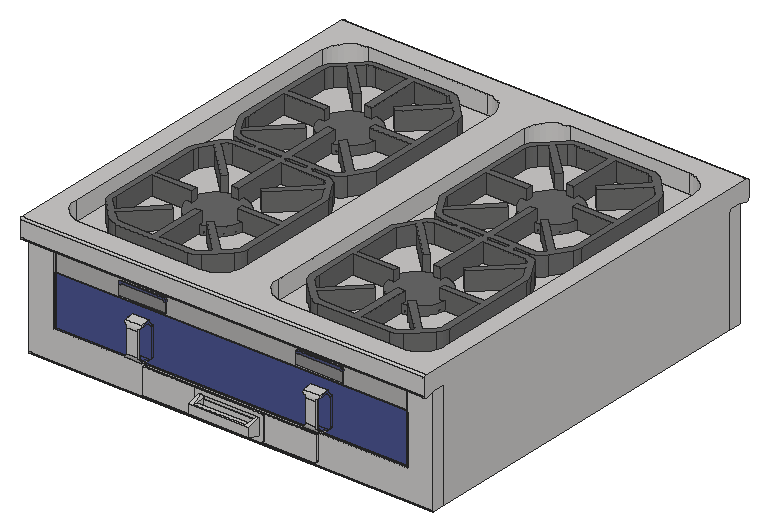
Revit family "QF_ELECTROLUXPROFESSIONAL_588052_MAGGACHOPI", category Specialty Equipment, Revit 2018
Family settings
  Round Connector Dimension = Use Diameter
  Part Type = Normal
  Work Plane-Based = No
  Always vertical = Yes
  Cut with Voids When Loaded = No
  Shared = No
  Room Calculation Point = No
Parameters
  Weight in Pounds = 138.891
  Watts = 0 W
  URL Cutsheet = ""
  Type Mark [instance] = ""
  Status [instance] = ""
  Specification by User [instance] = ""
  Specification by Manufacturer = ""
  Show Clearance [instance] = yes
  Serial Number = ""
  Seismic Rating = ""
  SMACNA No = ""
  Revision Code [instance] = ""
  Omniclass Number and Title = ""
  NAFEM Spec ID Number = ""
  Model = "588052"
  Mechanical Remarks [instance] = ""
  Mechanical Connection Type [instance] = ""
  Masterspec = ""
  Manufacturer = "ELECTROLUX"
  Item Number [instance] = ""
  Installed By [instance] = ""
  Identify Quantity as Lot [instance] = yes
  HP = "0 HP"
  Gas Size = 1/2"
  Gas RI Height [instance] = 0 mm
  Gas KW = 28
  Gas Input = 95452.0 Btu/h
  Gas Connection Height [instance] = 0 mm
  Furnished By [instance] = ""
  Foodservice Equipment Identifier [instance] = yes
  Direct Waste Size = 0"
  Description = "GAS TOP,4 BURNERS,ECO,2-SIDES,800X800X250H"
  CSI MasterFormat = ""
  CSI Master Format = ""
Reference planes
  plane 1 "BACK": y = 0
  plane 2: z = 0
  plane 3 "LEFT": x = 0
  plane 4 "RIGHT": x = 800
  plane 5 "FRONT": y = -800
  plane 6 "TOP": z = 250
  plane 7: x = 400
  plane 8: y = -400
  plane 9: z = 370
  plane 10: x = 765
  plane 11: y = -60.425
  plane 12: y = -1230
Forms (mm)
  Extrusion 1, solid, material "QF_Finishes_Stainless Steel"
    sketch origin (0, -487.128, 0) x (0, 1, 0) y (0, 0, 1)
      loop
        line (483.128, 250) -> (-308.872, 250)
        arc (-308.872, 250) -> (-311.7, 248.828) -> (-312.872, 246) r 4
        line (-312.872, 246) -> (-312.872, 214)
        arc (-312.872, 214) -> (-311.437, 210.931) -> (-308.161, 210.064) r 4
        line (-308.161, 210.064) -> (-292.872, 213) -> (-267.872, 213) -> (-267.872, 0) -> (442.128, 0) -> (442.128, 213) -> (465.765, 213) -> (482.433, 210.061)
        arc (482.433, 210.061) -> (485.699, 210.936) -> (487.128, 214) r 4
        line (487.128, 214) -> (487.128, 246)
        arc (487.128, 246) -> (485.956, 248.828) -> (483.128, 250) r 4
    from 0 to 800
  Extrusion 2, void
    sketch origin (653.786, 44.048, 250) x (1, 0, 0) y (0, -1, 0)
      loop
        line (-570.234, 89.462) -> (-334.333, 89.462)
        arc (-334.333, 89.462) -> (-299.707, 103.805) -> (-285.364, 138.432) r 48.97
        line (-285.364, 138.432) -> (-285.364, 750.078)
        arc (-285.364, 750.078) -> (-299.707, 784.705) -> (-334.333, 799.048) r 48.97
        line (-334.333, 799.048) -> (-570.234, 799.048)
        arc (-570.234, 799.048) -> (-605.59, 784.403) -> (-620.234, 749.048) r 50
        line (-620.234, 749.048) -> (-620.234, 139.462)
        arc (-620.234, 139.462) -> (-605.59, 104.107) -> (-570.234, 89.462) r 50
      loop
        line (64.679, 799.048) -> (-171.222, 799.048)
        arc (-171.222, 799.048) -> (-206.577, 784.403) -> (-221.222, 749.048) r 50
        line (-221.222, 749.048) -> (-221.222, 139.462)
        arc (-221.222, 139.462) -> (-206.577, 104.107) -> (-171.222, 89.462) r 50
        line (-171.222, 89.462) -> (64.679, 89.462)
        arc (64.679, 89.462) -> (99.306, 103.805) -> (113.649, 138.432) r 48.97
        line (113.649, 138.432) -> (113.649, 750.078)
        arc (113.649, 750.078) -> (99.306, 784.705) -> (64.679, 799.048) r 48.97
    from 0 to 37
  Extrusion 3, solid, material "QF_Finishes_Stainless Steel"
    sketch origin (10, -560, 0) x (1, 0, 0) y (0, -1, 0)
      loop
        circle (755, -70) r 6.35
    from 0 to 3.2
  Extrusion 4, solid, material "QF_Door-Drawer Clearances", visible <- "Show Clearance", detail levels coarse
    sketch origin (-178.969, -4572, 0) x (-1, 0, 0) y (0, -1, 0)
      loop
        line (-407.364, -3789.407) -> (-407.364, -3342) -> (-751.364, -3342) -> (-751.364, -3789.407) -> (-407.364, -3789.407)
    from 8.012 to 59.392
Cuts and joins
  Extrusion 2 cuts Extrusion 1
Lines and regions (mm)
  symbolic lines
    curve 1: line (0, 0, 0) -> (800, 0, 0)
    curve 2: line (0, -800, 0) -> (0, 0, 0)
    curve 3: line (800, -800, 0) -> (0, -800, 0)
    curve 4: line (800, 0, 0) -> (800, -800, 0)
    curve 5: arc (83.552, -755, 0) -> (48.197, -740.355, 0) -> (33.552, -705, 0) r 50
    curve 6: line (33.552, -705, 0) -> (33.552, -95.414, 0)
    curve 7: arc (33.552, -95.414, 0) -> (48.197, -60.059, 0) -> (83.552, -45.414, 0) r 50
    curve 8: line (83.552, -45.414, 0) -> (317.592, -45.414, 0)
    curve 9: arc (718.465, -45.414, 0) -> (753.092, -59.757, 0) -> (767.435, -94.384, 0) r 48.97
    curve 10: line (767.435, -94.384, 0) -> (767.435, -706.03, 0)
    curve 11: arc (767.435, -706.03, 0) -> (753.092, -740.657, 0) -> (718.465, -755, 0) r 48.97
    curve 12: line (718.465, -755, 0) -> (482.408, -755, 0)
    curve 13: line (482.408, -45.414, 0) -> (718.465, -45.414, 0)
    curve 14: line (317.592, -755, 0) -> (83.552, -755, 0)
    curve 15: arc (482.408, -755, 0) -> (447.053, -740.355, 0) -> (432.408, -705, 0) r 50
    curve 16: line (432.408, -705, 0) -> (432.408, -95.414, 0)
    curve 17: arc (432.408, -95.414, 0) -> (447.053, -60.059, 0) -> (482.408, -45.414, 0) r 50
    curve 18: arc (317.592, -755, 0) -> (352.947, -740.355, 0) -> (367.592, -705, 0) r 50
    curve 19: line (367.592, -705, 0) -> (367.592, -95.414, 0)
    curve 20: arc (367.592, -95.414, 0) -> (352.947, -60.059, 0) -> (317.592, -45.414, 0) r 50
  symbolic lines, style "QF_Door-Drawer Clearances"
    curve 21: line (228.395, -800, 0) -> (228.395, -1230, 0)
    curve 22: line (572.395, -1230, 0) -> (572.395, -800, 0)
    curve 23: line (228.395, -1230, 0) -> (572.395, -1230, 0)
Dimensions and locks
  plane 3 "LEFT" to plane 4 "RIGHT" = 800 mm
  plane 5 "FRONT" to plane 1 "BACK" = 800 mm
  equal spacing: plane 3 "LEFT", plane 7, plane 4 "RIGHT"
  equal spacing: plane 5 "FRONT", plane 8, plane 1 "BACK"
  plane 6 "TOP" to level = 250 mm  (x2)
  plane 1 "BACK" to plane 5 "FRONT" = 800 mm
  Extrusion 3 sketch curve to plane 1 "BACK" = 490 mm
  Extrusion 3 sketch curve to plane 4 "RIGHT" = 35 mm
  plane 1 "BACK" to Extrusion 3 = 490 mm
  locked: plane 10 to plane 4 "RIGHT" at 35
  plane 12 to plane 5 "FRONT" = 430 mm
  aligned and locked: level to plane 2
  aligned and locked: Extrusion 1 to plane 4 "RIGHT"
Automatic sketch dimensions
  Extrusion 1 sketch curve to plane 5 "FRONT" = 0 mm
  Extrusion 1 sketch curve to plane 6 "TOP" = 0 mm
  Extrusion 1 sketch curve to level = 0 mm
  Extrusion 1 sketch curve to plane 1 "BACK" = 0 mm
  Extrusion 1 sketch curve to plane 6 "TOP" = 37 mm  (x2)
  Extrusion 1 sketch curve to plane 5 "FRONT" = 4 mm
  Extrusion 1 sketch curve to plane 5 "FRONT" = 20 mm
  Extrusion 1 sketch curve to plane 5 "FRONT" = 45 mm
  plane 1 "BACK" to Extrusion 1 sketch curve = 21.363 mm
  plane 1 "BACK" to Extrusion 1 sketch curve = 4 mm  (x2)
  Extrusion 1 sketch curve to Extrusion 1 sketch curve = 4 mm
  Extrusion 1 sketch curve to Extrusion 1 sketch curve = 0.711 mm
  plane 1 "BACK" to Extrusion 1 sketch curve = 4.695 mm
  Extrusion 1 sketch curve to Extrusion 1 sketch curve = 0 mm  (x2)
  Extrusion 1 sketch curve to Extrusion 1 sketch curve = 1 mm  (x2)
  plane 1 "BACK" to Extrusion 1 sketch curve = 45 mm
  plane 1 "BACK" to curve 1 = 0 mm
  curve 1 to plane 4 "RIGHT" = 0 mm
  curve 3 to plane 3 "LEFT" = 0 mm
  plane 5 "FRONT" to curve 3 = 0 mm
  curve 10 to plane 10 = 2.435 mm
  plane 11 to curve 13 = 15.012 mm
  plane 10 to curve 13 = 46.535 mm
  plane 10 to curve 12 = 46.535 mm
  plane 7 to curve 16 = 32.408 mm
  curve 19 to plane 7 = 32.408 mm
  plane 3 "LEFT" to curve 8 = 83.552 mm
  plane 3 "LEFT" to curve 14 = 83.552 mm
  plane 3 "LEFT" to curve 6 = 33.552 mm
  curve 15 to curve 16 = 50 mm
  curve 20 to plane 11 = 34.988 mm
  curve 18 to plane 5 "FRONT" = 45 mm
  curve 19 to curve 18 = 50 mm
  Extrusion 1 to Extrusion 2 sketch curve = 33.552 mm
  Extrusion 1 to Extrusion 2 sketch curve = 41 mm  (x2)
  Extrusion 2 sketch curve to Extrusion 2 sketch curve = 50 mm  (x4)
  Extrusion 1 to Extrusion 2 sketch curve = 41.414 mm
  Extrusion 2 sketch curve to Extrusion 2 sketch curve = 235.901 mm  (x2)
  Extrusion 2 sketch curve to Extrusion 2 sketch curve = 48.97 mm
  Extrusion 2 sketch curve to Extrusion 2 sketch curve = 64.142 mm
  Extrusion 1 to Extrusion 2 sketch curve = 81.535 mm  (x2)
  Extrusion 1 to Extrusion 2 sketch curve = 32.565 mm
  Extrusion 2 sketch curve to Extrusion 2 sketch curve = 1.03 mm
  curve 18 to curve 16 = 0 mm
  plane 11 to curve 8 = 15.012 mm
  curve 16 to plane 11 = 34.988 mm
  Extrusion 4 sketch curve to plane 5 "FRONT" = 17.407 mm
  plane 7 to Extrusion 4 sketch curve = 172.395 mm
  Extrusion 4 sketch curve to plane 7 = 171.605 mm
  plane 5 "FRONT" to Extrusion 4 sketch curve = 430 mm
  plane 5 "FRONT" to curve 21 = 0 mm
  plane 5 "FRONT" to curve 22 = 0 mm
  curve 22 to plane 12 = 0 mm
  curve 21 to plane 7 = 171.605 mm
  plane 7 to curve 22 = 172.395 mm
  radius of Extrusion 3 sketch curve = 6.35 mm
Nested families
  nested 1: "OBT_800_Open Burner" at (200, -400.207, -649.319), type "OBT_800_Open Burner"
  nested 2: "OBT_800_Open Burner" at (600, -400.207, -649.319) x (-1, 0, 0) z (0, 0, 1), type "OBT_800_Open Burner"
  nested 3: "EG_800_1000_Double Range Control Handle Front & Back Panel" at (202.376, -755, -650), type "EG_800_1000_Double Range Control Handle Front & Back"
  nested 4: "EG_800_500_Single Range Control Handle Back Panel" at (597.624, -45, -650) x (-1, 0, 0) z (0, 0, 1), type "EG_800_500_Single Range Control Handle Back Panel"
Connectors
  piping at (765, -490, -3.2), diameter 12.8
    settings: on Extrusion 3, index 1, connector inside diameter 0.50394", connector length 0 mm, flow factor 0, pipe flow 0 GPM, pressure drop 0.00 psi, fitting loss kfactor 0, connector angle 0.00°, fixture units 0, engagement length 0 mm, angle of deflection 0.00°, flow configuration 1, flow direction 1, fitting loss method 0, system type 7, joint type 0, gender type 0, connector reference index -1, connector utility 0, adjustable connector no, is connector primary yes, connector description "GAS CONNECTION"
Definition of nested family "OBT_800_Open Burner"
  Reference planes
    plane 1 "Center (Front/Back)": y = 0
    plane 2: z = 0
    plane 3 "Center (Left/Right)": x = 0
    plane 4: x = -136.448
    plane 5: x = 137.435
    plane 6: y = 324.793
    plane 7: y = -324.793
  Forms (mm)
    Extrusion 1, solid
      sketch origin (2130.573, 56.896, -679.622) x (1, 0, 0) y (0, 1, 0)
        loop
          line (-2137.44, 256.49) -> (-2200.793, 256.49)
          arc (-2200.793, 256.49) -> (-2207.908, 255.075) -> (-2213.94, 251.044) r 18.593
          line (-2213.94, 251.044) -> (-2226.233, 238.751) -> (-2163.48, 175.998) -> (-2171.6, 167.877) -> (-2234.354, 230.631) -> (-2250.33, 214.654)
          arc (-2250.33, 214.654) -> (-2254.433, 208.337) -> (-2255.614, 200.897) r 18.125
          line (-2255.614, 200.897) -> (-2255.614, 113.422) -> (-2175.79, 113.422) -> (-2175.79, 101.938) -> (-2255.614, 101.938) -> (-2255.614, 10.897)
          arc (-2255.614, 10.897) -> (-2254.981, 6.085) -> (-2253.123, 1.601) r 18.593
          line (-2253.123, 1.601) -> (-2240.078, -20.994) -> (-2171.6, 47.483) -> (-2163.48, 39.363) -> (-2234.012, -31.169)
          arc (-2234.012, -31.169) -> (-2228.546, -38.527) -> (-2220.23, -42.379) r 18.593
          line (-2220.23, -42.379) -> (-2137.44, -42.379) -> (-2137.44, 62.464) -> (-2123.707, 62.464) -> (-2123.707, -42.379) -> (-2039.969, -42.379)
          arc (-2039.969, -42.379) -> (-2031.653, -38.527) -> (-2026.187, -31.169) r 18.593
          line (-2026.187, -31.169) -> (-2097.271, 39.915) -> (-2089.15, 48.035) -> (-2020.118, -20.997) -> (-2004.585, 5.916) -> (-2004.585, 101.938) -> (-2085.357, 101.938) -> (-2085.357, 113.422) -> (-2004.585, 113.422) -> (-2004.585, 197.888)
          arc (-2004.585, 197.888) -> (-2006.695, 208.496) -> (-2012.704, 217.489) r 27.72
          line (-2012.704, 217.489) -> (-2025.845, 230.631) -> (-2089.15, 167.325) -> (-2097.271, 175.446) -> (-2033.966, 238.751) -> (-2046.259, 251.044)
          arc (-2046.259, 251.044) -> (-2052.291, 255.075) -> (-2059.406, 256.49) r 18.593
          line (-2059.406, 256.49) -> (-2123.707, 256.49) -> (-2123.707, 152.897) -> (-2137.44, 152.897) -> (-2137.44, 256.49)
        loop
          arc (-2267.021, 10.897) -> (-2265.999, 3.132) -> (-2263.002, -4.103) r 30
          line (-2263.002, -4.103) -> (-2242.795, -39.103)
          arc (-2242.795, -39.103) -> (-2231.814, -50.084) -> (-2216.814, -54.103) r 30
          line (-2216.814, -54.103) -> (-2189.287, -54.103)
          arc (-2189.287, -54.103) -> (-2188.243, -56) -> (-2186.272, -56.896) r 3.438
          arc (-2186.272, -56.896) -> (-2188.243, -57.792) -> (-2189.287, -59.689) r 3.438
          line (-2189.287, -59.689) -> (-2216.814, -59.689)
          arc (-2216.814, -59.689) -> (-2231.814, -63.708) -> (-2242.795, -74.689) r 30
          line (-2242.795, -74.689) -> (-2263.002, -109.689)
          arc (-2263.002, -109.689) -> (-2265.999, -116.924) -> (-2267.021, -124.689) r 30
          line (-2267.021, -124.689) -> (-2267.021, -315.461)
          arc (-2267.021, -315.461) -> (-2264.738, -326.941) -> (-2258.234, -336.674) r 30
          line (-2258.234, -336.674) -> (-2221.975, -372.933)
          arc (-2221.975, -372.933) -> (-2212.253, -379.414) -> (-2200.793, -381.689) r 30
          line (-2200.793, -381.689) -> (-2059.406, -381.689)
          arc (-2059.406, -381.689) -> (-2047.942, -379.412) -> (-2038.218, -372.928) r 30
          line (-2038.218, -372.928) -> (-2001.964, -336.674)
          arc (-2001.964, -336.674) -> (-1995.461, -326.941) -> (-1993.138, -315.461) r 30
          line (-1993.138, -315.461) -> (-1993.138, -116.719) -> (-2017.404, -74.689)
          arc (-2017.404, -74.689) -> (-2028.385, -63.708) -> (-2043.385, -59.689) r 30
          line (-2043.385, -59.689) -> (-2070.476, -59.689)
          arc (-2070.476, -59.689) -> (-2072.136, -57.759) -> (-2074.531, -56.896) r 5
          arc (-2074.531, -56.896) -> (-2072.136, -56.033) -> (-2070.476, -54.103) r 5
          line (-2070.476, -54.103) -> (-2043.385, -54.103)
          arc (-2043.385, -54.103) -> (-2028.385, -50.084) -> (-2017.404, -39.103) r 30
          line (-2017.404, -39.103) -> (-1993.294, 2.656) -> (-1993.294, 204.314)
          arc (-1993.294, 204.314) -> (-1995.995, 214.361) -> (-2001.964, 222.882) r 30
          line (-2001.964, 222.882) -> (-2038.218, 259.136)
          arc (-2038.218, 259.136) -> (-2047.942, 265.62) -> (-2059.406, 267.897) r 30
          line (-2059.406, 267.897) -> (-2200.793, 267.897)
          arc (-2200.793, 267.897) -> (-2212.253, 265.622) -> (-2221.975, 259.141) r 30
          line (-2221.975, 259.141) -> (-2258.234, 222.882)
          arc (-2258.234, 222.882) -> (-2264.738, 213.149) -> (-2267.021, 201.669) r 30
          line (-2267.021, 201.669) -> (-2267.021, 10.897)
        loop
          arc (-2122.397, -54.103) -> (-2124.057, -56.033) -> (-2126.452, -56.896) r 5
          arc (-2126.452, -56.896) -> (-2124.057, -57.759) -> (-2122.397, -59.689) r 5
          line (-2122.397, -59.689) -> (-2085.985, -59.689)
          arc (-2085.985, -59.689) -> (-2084.941, -57.792) -> (-2082.97, -56.896) r 3.438
          arc (-2082.97, -56.896) -> (-2084.941, -56) -> (-2085.985, -54.103) r 3.438
          line (-2085.985, -54.103) -> (-2122.397, -54.103)
        loop
          arc (-2173.778, -54.103) -> (-2175.438, -56.033) -> (-2177.833, -56.896) r 5
          arc (-2177.833, -56.896) -> (-2175.438, -57.759) -> (-2173.778, -59.689) r 5
          line (-2173.778, -59.689) -> (-2137.906, -59.689)
          arc (-2137.906, -59.689) -> (-2136.862, -57.792) -> (-2134.891, -56.896) r 3.438
          arc (-2134.891, -56.896) -> (-2136.862, -56) -> (-2137.906, -54.103) r 3.438
          line (-2137.906, -54.103) -> (-2173.778, -54.103)
        loop
          line (-2137.44, -370.282) -> (-2137.44, -265.439) -> (-2123.707, -265.439) -> (-2123.707, -370.282) -> (-2059.406, -370.282)
          arc (-2059.406, -370.282) -> (-2052.291, -368.867) -> (-2046.259, -364.836) r 18.593
          line (-2046.259, -364.836) -> (-2033.341, -351.918) -> (-2097.271, -287.988) -> (-2089.15, -279.867) -> (-2025.22, -343.798) -> (-2012.704, -331.281)
          arc (-2012.704, -331.281) -> (-2006.695, -322.288) -> (-2004.585, -311.68) r 27.72
          line (-2004.585, -311.68) -> (-2004.585, -225.964) -> (-2085.357, -225.964) -> (-2085.357, -214.48) -> (-2004.585, -214.48) -> (-2004.585, -119.708) -> (-2020.576, -92.003) -> (-2089.15, -160.577) -> (-2097.271, -152.457) -> (-2026.57, -81.755)
          arc (-2026.57, -81.755) -> (-2032.024, -74.971) -> (-2039.969, -71.413) r 18.593
          line (-2039.969, -71.413) -> (-2123.707, -71.413) -> (-2123.707, -175.006) -> (-2137.44, -175.006) -> (-2137.44, -71.413) -> (-2220.23, -71.413)
          arc (-2220.23, -71.413) -> (-2228.175, -74.971) -> (-2233.629, -81.755) r 18.593
          line (-2233.629, -81.755) -> (-2163.48, -151.905) -> (-2171.6, -160.025) -> (-2239.62, -92.005) -> (-2253.123, -115.393)
          arc (-2253.123, -115.393) -> (-2254.981, -119.877) -> (-2255.614, -124.689) r 18.593
          line (-2255.614, -124.689) -> (-2255.614, -214.48) -> (-2175.79, -214.48) -> (-2175.79, -225.964) -> (-2255.614, -225.964) -> (-2255.614, -314.689)
          arc (-2255.614, -314.689) -> (-2254.433, -322.129) -> (-2250.33, -328.446) r 18.125
          line (-2250.33, -328.446) -> (-2234.979, -343.798) -> (-2171.6, -280.419) -> (-2163.48, -288.54) -> (-2226.858, -351.918) -> (-2213.94, -364.836)
          arc (-2213.94, -364.836) -> (-2207.908, -368.867) -> (-2200.793, -370.282) r 18.593
          line (-2200.793, -370.282) -> (-2137.44, -370.282)
      from 1542.072 to 1578.941
    Extrusion 2, solid
      sketch origin (2130.573, 86.122, 0) x (1, 0, 0) y (0, 1, 0)
        loop
          circle (-2130.573, -249.448) r 55
        loop
          circle (-2130.573, 78.455) r 55
      from 862.45 to 879.837
    Extrusion 3, void
      sketch origin (-124.371, -330.785, -22.784) x (-0.587785, -0.809017, 0) y (0, 0, 1)
        loop
          circle (-213.495, 891.283) r 1
      from -67.69 to -35.114
    Extrusion 4, void
      sketch origin (-89.903, -351.417, -22.784) x (-0.422618, -0.906308, 0) y (0, 0, 1)
        loop
          circle (-213.495, 891.283) r 1
      from -74.826 to -35.114
    Extrusion 5, void
      sketch origin (-52.131, -365.093, -22.784) x (-0.241922, -0.970296, 0) y (0, 0, 1)
        loop
          circle (-213.495, 891.283) r 1
      from -67.69 to -35.114
    Extrusion 6, void
      sketch origin (27.702, -369.842, -22.784) x (0.139173, -0.990268, 0) y (0, 0, 1)
        loop
          circle (-213.495, 891.283) r 1
      from -67.69 to -35.114
    Extrusion 7, void
      sketch origin (66.829, -360.74, -22.784) x (0.325568, -0.945519, 0) y (0, 0, 1)
        loop
          circle (-213.495, 891.283) r 1
      from -67.69 to -35.114
    Extrusion 8, void
      sketch origin (103.5, -344.339, -22.784) x (0.5, -0.866025, 0) y (0, 0, 1)
        loop
          circle (-213.495, 891.283) r 1
      from -67.69 to -35.114
    Extrusion 9, void
      sketch origin (136.368, -321.242, -22.784) x (0.656059, -0.75471, 0) y (0, 0, 1)
        loop
          circle (-213.495, 891.283) r 1
      from -67.69 to -35.114
    Extrusion 10, void
      sketch origin (164.225, -292.298, -22.784) x (0.788011, -0.615661, 0) y (0, 0, 1)
        loop
          circle (-213.495, 891.283) r 1
      from -67.69 to -35.114
    Extrusion 11, void
      sketch origin (186.048, -258.571, -22.784) x (0.891007, -0.45399, 0) y (0, 0, 1)
        loop
          circle (-213.495, 891.283) r 1
      from -67.69 to -35.114
    Extrusion 12, void
      sketch origin (201.034, -221.299, -22.784) x (0.961262, -0.275637, 0) y (0, 0, 1)
        loop
          circle (-213.495, 891.283) r 1
      from -67.69 to -35.114
    Extrusion 13, void
      sketch origin (208.566, -141.681, -22.784) x (0.994522, 0.104528, 0) y (0, 0, 1)
        loop
          circle (-213.495, 891.283) r 1
      from -67.69 to -35.114
    Extrusion 14, void
      sketch origin (200.835, -102.26, -22.784) x (0.956305, 0.292372, 0) y (0, 0, 1)
        loop
          circle (-213.495, 891.283) r 1
      from -67.69 to -35.114
    Extrusion 15, void
      sketch origin (185.724, -65.039, -22.784) x (0.882948, 0.469472, 0) y (0, 0, 1)
        loop
          circle (-213.495, 891.283) r 1
      from -67.69 to -35.114
    Extrusion 16, void
      sketch origin (163.788, -31.385, -22.784) x (0.777146, 0.62932, 0) y (0, 0, 1)
        loop
          circle (-213.495, 891.283) r 1
      from -67.69 to -35.114
    Extrusion 17, void
      sketch origin (135.834, -2.534, -22.784) x (0.642788, 0.766044, 0) y (0, 0, 1)
        loop
          circle (-213.495, 891.283) r 1
      from -67.69 to -35.114
    Extrusion 18, void
      sketch origin (102.889, 20.452, -22.784) x (0.48481, 0.87462, 0) y (0, 0, 1)
        loop
          circle (-213.495, 891.283) r 1
      from -67.69 to -35.114
    Extrusion 19, void
      sketch origin (66.163, 36.73, -22.784) x (0.309017, 0.951057, 0) y (0, 0, 1)
        loop
          circle (-213.495, 891.283) r 1
      from -67.69 to -35.114
    Extrusion 20, void
      sketch origin (-52.811, 40.685, -22.784) x (-0.258819, 0.965926, 0) y (0, 0, 1)
        loop
          circle (-213.495, 891.283) r 1
      from -67.69 to -35.114
    Extrusion 21, void
      sketch origin (-90.537, 26.882, -22.784) x (-0.438371, 0.898794, 0) y (0, 0, 1)
        loop
          circle (-213.495, 891.283) r 1
      from -67.69 to -35.114
    Extrusion 22, void
      sketch origin (-124.936, 6.135, -22.784) x (-0.601815, 0.798636, 0) y (0, 0, 1)
        loop
          circle (-213.495, 891.283) r 1
      from -67.69 to -35.114
    Extrusion 23, void
      sketch origin (-154.744, -20.796, -22.784) x (-0.743145, 0.669131, 0) y (0, 0, 1)
        loop
          circle (-213.495, 891.283) r 1
      from -67.69 to -35.114
    Extrusion 24, void
      sketch origin (-178.866, -52.919, -22.784) x (-0.857167, 0.515038, 0) y (0, 0, 1)
        loop
          circle (-213.495, 891.283) r 1
      from -67.69 to -35.114
    Extrusion 25, void
      sketch origin (-196.416, -89.054, -22.784) x (-0.939693, 0.34202, 0) y (0, 0, 1)
        loop
          circle (-213.495, 891.283) r 1
      from -67.69 to -35.114
    Extrusion 26, void
      sketch origin (-204.521, -207.817, -22.784) x (-0.97437, -0.224951, 0) y (0, 0, 1)
        loop
          circle (-213.495, 891.283) r 1
      from -67.69 to -35.114
    Extrusion 27, void
      sketch origin (-192.043, -246.002, -22.784) x (-0.913545, -0.406737, 0) y (0, 0, 1)
        loop
          circle (-213.495, 891.283) r 1
      from -67.69 to -35.114
    Extrusion 28, void
      sketch origin (-172.509, -281.104, -22.784) x (-0.819152, -0.573576, 0) y (0, 0, 1)
        loop
          circle (-213.495, 891.283) r 1
      from -67.69 to -35.114
    Extrusion 29, void
      sketch origin (-146.635, -311.834, -22.784) x (-0.694658, -0.71934, 0) y (0, 0, 1)
        loop
          circle (-213.495, 891.283) r 1
      from -67.69 to -35.114
    Extrusion 30, void
      sketch origin (-124.371, -2.882, -22.784) x (-0.587785, -0.809017, 0) y (0, 0, 1)
        loop
          circle (-213.495, 891.283) r 1
      from -67.69 to -35.114
    Extrusion 31, void
      sketch origin (-89.903, -23.515, -22.784) x (-0.422618, -0.906308, 0) y (0, 0, 1)
        loop
          circle (-213.495, 891.283) r 1
      from -74.826 to -35.114
    Extrusion 32, void
      sketch origin (-52.131, -37.191, -22.784) x (-0.241922, -0.970296, 0) y (0, 0, 1)
        loop
          circle (-213.495, 891.283) r 1
      from -67.69 to -35.114
    Extrusion 33, void
      sketch origin (27.702, -41.939, -22.784) x (0.139173, -0.990268, 0) y (0, 0, 1)
        loop
          circle (-213.495, 891.283) r 1
      from -67.69 to -35.114
    Extrusion 34, void
      sketch origin (66.829, -32.837, -22.784) x (0.325568, -0.945519, 0) y (0, 0, 1)
        loop
          circle (-213.495, 891.283) r 1
      from -67.69 to -35.114
    Extrusion 35, void
      sketch origin (103.5, -16.436, -22.784) x (0.5, -0.866025, 0) y (0, 0, 1)
        loop
          circle (-213.495, 891.283) r 1
      from -67.69 to -35.114
    Extrusion 36, void
      sketch origin (136.368, 6.66, -22.784) x (0.656059, -0.75471, 0) y (0, 0, 1)
        loop
          circle (-213.495, 891.283) r 1
      from -67.69 to -35.114
    Extrusion 37, void
      sketch origin (164.225, 35.604, -22.784) x (0.788011, -0.615661, 0) y (0, 0, 1)
        loop
          circle (-213.495, 891.283) r 1
      from -67.69 to -35.114
    Extrusion 38, void
      sketch origin (186.048, 69.332, -22.784) x (0.891007, -0.45399, 0) y (0, 0, 1)
        loop
          circle (-213.495, 891.283) r 1
      from -67.69 to -35.114
    Extrusion 39, void
      sketch origin (201.034, 106.603, -22.784) x (0.961262, -0.275637, 0) y (0, 0, 1)
        loop
          circle (-213.495, 891.283) r 1
      from -67.69 to -35.114
    Extrusion 40, void
      sketch origin (208.566, 186.222, -22.784) x (0.994522, 0.104528, 0) y (0, 0, 1)
        loop
          circle (-213.495, 891.283) r 1
      from -67.69 to -35.114
    Extrusion 41, void
      sketch origin (200.835, 225.642, -22.784) x (0.956305, 0.292372, 0) y (0, 0, 1)
        loop
          circle (-213.495, 891.283) r 1
      from -67.69 to -35.114
    Extrusion 42, void
      sketch origin (185.724, 262.864, -22.784) x (0.882948, 0.469472, 0) y (0, 0, 1)
        loop
          circle (-213.495, 891.283) r 1
      from -67.69 to -35.114
    Extrusion 43, void
      sketch origin (163.788, 296.518, -22.784) x (0.777146, 0.62932, 0) y (0, 0, 1)
        loop
          circle (-213.495, 891.283) r 1
      from -67.69 to -35.114
    Extrusion 44, void
      sketch origin (135.834, 325.368, -22.784) x (0.642788, 0.766044, 0) y (0, 0, 1)
        loop
          circle (-213.495, 891.283) r 1
      from -67.69 to -35.114
    Extrusion 45, void
      sketch origin (102.889, 348.355, -22.784) x (0.48481, 0.87462, 0) y (0, 0, 1)
        loop
          circle (-213.495, 891.283) r 1
      from -67.69 to -35.114
    Extrusion 46, void
      sketch origin (66.163, 364.633, -22.784) x (0.309017, 0.951057, 0) y (0, 0, 1)
        loop
          circle (-213.495, 891.283) r 1
      from -67.69 to -35.114
    Extrusion 47, void
      sketch origin (-52.811, 368.588, -22.784) x (-0.258819, 0.965926, 0) y (0, 0, 1)
        loop
          circle (-213.495, 891.283) r 1
      from -67.69 to -35.114
    Extrusion 48, void
      sketch origin (-90.537, 354.785, -22.784) x (-0.438371, 0.898794, 0) y (0, 0, 1)
        loop
          circle (-213.495, 891.283) r 1
      from -67.69 to -35.114
    Extrusion 49, void
      sketch origin (-124.936, 334.037, -22.784) x (-0.601815, 0.798636, 0) y (0, 0, 1)
        loop
          circle (-213.495, 891.283) r 1
      from -67.69 to -35.114
    Extrusion 50, void
      sketch origin (-154.744, 307.107, -22.784) x (-0.743145, 0.669131, 0) y (0, 0, 1)
        loop
          circle (-213.495, 891.283) r 1
      from -67.69 to -35.114
    Extrusion 51, void
      sketch origin (-178.866, 274.984, -22.784) x (-0.857167, 0.515038, 0) y (0, 0, 1)
        loop
          circle (-213.495, 891.283) r 1
      from -67.69 to -35.114
    Extrusion 52, void
      sketch origin (-196.416, 238.848, -22.784) x (-0.939693, 0.34202, 0) y (0, 0, 1)
        loop
          circle (-213.495, 891.283) r 1
      from -67.69 to -35.114
    Extrusion 53, void
      sketch origin (-204.521, 120.086, -22.784) x (-0.97437, -0.224951, 0) y (0, 0, 1)
        loop
          circle (-213.495, 891.283) r 1
      from -67.69 to -35.114
    Extrusion 54, void
      sketch origin (-192.043, 81.901, -22.784) x (-0.913545, -0.406737, 0) y (0, 0, 1)
        loop
          circle (-213.495, 891.283) r 1
      from -67.69 to -35.114
    Extrusion 55, void
      sketch origin (-172.509, 46.798, -22.784) x (-0.819152, -0.573576, 0) y (0, 0, 1)
        loop
          circle (-213.495, 891.283) r 1
      from -67.69 to -35.114
    Extrusion 56, void
      sketch origin (-146.635, 16.068, -22.784) x (-0.694658, -0.71934, 0) y (0, 0, 1)
        loop
          circle (-213.495, 891.283) r 1
      from -67.69 to -35.114
  Cuts and joins
    Extrusion 3, Extrusion 4, Extrusion 5, Extrusion 6, Extrusion 7, Extrusion 8, Extrusion 9, Extrusion 10, Extrusion 11, Extrusion 12, Extrusion 13, Extrusion 14, Extrusion 15, Extrusion 16, Extrusion 17, Extrusion 18, Extrusion 19, Extrusion 20, Extrusion 21, Extrusion 22, Extrusion 23, Extrusion 24, Extrusion 25, Extrusion 26, Extrusion 27, Extrusion 28, Extrusion 29, Extrusion 30, Extrusion 31, Extrusion 32, Extrusion 33, Extrusion 34, Extrusion 35, Extrusion 36, Extrusion 37, Extrusion 38, Extrusion 39, Extrusion 40, Extrusion 41, Extrusion 42, Extrusion 43, Extrusion 44, Extrusion 45, Extrusion 46, Extrusion 47, Extrusion 48, Extrusion 49, Extrusion 50, Extrusion 51, Extrusion 52, Extrusion 53, Extrusion 54, Extrusion 55, Extrusion 56 cuts Extrusion 2
    Extrusion 32 cuts Extrusion 1
  Lines and regions (mm)
    symbolic lines
      curve 1: line (-103.78, 287.527, 0) -> (-41.027, 224.773, 0)
      curve 2: line (-41.027, 224.773, 0) -> (-32.906, 232.894, 0)
      curve 3: line (-32.906, 232.894, 0) -> (-95.66, 295.647, 0)
      curve 4: line (-95.66, 295.647, 0) -> (-83.367, 307.94, 0)
      curve 5: arc (-83.367, 307.94, 0) -> (-77.335, 311.971, 0) -> (-70.219, 313.386, 0) r 18.593
      curve 6: line (-70.219, 313.386, 0) -> (-6.867, 313.386, 0)
      curve 7: line (-6.867, 313.386, 0) -> (-6.867, 209.793, 0)
      curve 8: line (-6.867, 209.793, 0) -> (6.867, 209.793, 0)
      curve 9: line (6.867, 209.793, 0) -> (6.867, 313.386, 0)
      curve 10: line (6.867, 313.386, 0) -> (71.168, 313.386, 0)
      curve 11: arc (71.168, 313.386, 0) -> (78.283, 311.971, 0) -> (84.315, 307.94, 0) r 18.593
      curve 12: line (84.315, 307.94, 0) -> (96.608, 295.647, 0)
      curve 13: line (96.608, 295.647, 0) -> (33.302, 232.342, 0)
      curve 14: line (33.302, 232.342, 0) -> (41.423, 224.221, 0)
      curve 15: line (41.423, 224.221, 0) -> (104.728, 287.527, 0)
      curve 16: line (104.728, 287.527, 0) -> (117.87, 274.385, 0)
      curve 17: arc (117.87, 274.385, 0) -> (123.879, 265.392, 0) -> (125.989, 254.784, 0) r 27.72
      curve 18: line (125.989, 254.784, 0) -> (125.989, 170.318, 0)
      curve 19: line (125.989, 170.318, 0) -> (45.217, 170.318, 0)
      curve 20: line (45.217, 170.318, 0) -> (45.217, 158.834, 0)
      curve 21: line (45.217, 158.834, 0) -> (125.989, 158.834, 0)
      curve 22: line (125.989, 158.834, 0) -> (125.989, 62.812, 0)
      curve 23: line (125.989, 62.812, 0) -> (110.455, 35.899, 0)
      curve 24: line (110.455, 35.899, 0) -> (41.423, 104.931, 0)
      curve 25: line (41.423, 104.931, 0) -> (33.302, 96.811, 0)
      curve 26: line (33.302, 96.811, 0) -> (104.386, 25.727, 0)
      curve 27: arc (104.386, 25.727, 0) -> (98.921, 18.369, 0) -> (90.604, 14.517, 0) r 18.593
      curve 28: line (90.604, 14.517, 0) -> (6.867, 14.517, 0)
      curve 29: line (6.867, 14.517, 0) -> (6.867, 119.36, 0)
      curve 30: line (6.867, 119.36, 0) -> (-6.867, 119.36, 0)
      curve 31: line (-6.867, 119.36, 0) -> (-6.867, 14.517, 0)
      curve 32: line (-6.867, 14.517, 0) -> (-89.656, 14.517, 0)
      curve 33: arc (-89.656, 14.517, 0) -> (-97.973, 18.369, 0) -> (-103.438, 25.727, 0) r 18.593
      curve 34: line (-103.438, 25.727, 0) -> (-32.906, 96.259, 0)
      curve 35: line (-32.906, 96.259, 0) -> (-41.027, 104.379, 0)
      curve 36: line (-41.027, 104.379, 0) -> (-109.504, 35.902, 0)
      curve 37: line (-109.504, 35.902, 0) -> (-122.55, 58.497, 0)
      curve 38: arc (-122.55, 58.497, 0) -> (-124.407, 62.981, 0) -> (-125.041, 67.793, 0) r 18.593
      curve 39: line (-125.041, 67.793, 0) -> (-125.041, 158.834, 0)
      curve 40: line (-125.041, 158.834, 0) -> (-45.217, 158.834, 0)
      curve 41: line (-45.217, 158.834, 0) -> (-45.217, 170.318, 0)
      curve 42: line (-45.217, 170.318, 0) -> (-125.041, 170.318, 0)
      curve 43: line (-125.041, 170.318, 0) -> (-125.041, 257.793, 0)
      curve 44: arc (-125.041, 257.793, 0) -> (-123.86, 265.233, 0) -> (-119.757, 271.55, 0) r 18.125
      curve 45: line (-119.757, 271.55, 0) -> (-103.78, 287.527, 0)
      curve 46: line (-32.906, -95.009, 0) -> (-103.056, -24.859, 0)
      curve 47: arc (-103.056, -24.859, 0) -> (-97.601, -18.075, 0) -> (-89.656, -14.517, 0) r 18.593
      curve 48: line (-89.656, -14.517, 0) -> (-6.867, -14.517, 0)
      curve 49: line (-6.867, -14.517, 0) -> (-6.867, -118.11, 0)
      curve 50: line (-6.867, -118.11, 0) -> (6.867, -118.11, 0)
      curve 51: line (6.867, -118.11, 0) -> (6.867, -14.517, 0)
      curve 52: line (6.867, -14.517, 0) -> (90.604, -14.517, 0)
      curve 53: arc (90.604, -14.517, 0) -> (98.549, -18.075, 0) -> (104.004, -24.859, 0) r 18.593
      curve 54: line (104.004, -24.859, 0) -> (33.302, -95.561, 0)
      curve 55: line (33.302, -95.561, 0) -> (41.423, -103.681, 0)
      curve 56: line (41.423, -103.681, 0) -> (109.998, -35.107, 0)
      curve 57: line (109.998, -35.107, 0) -> (125.989, -62.812, 0)
      curve 58: line (125.989, -62.812, 0) -> (125.989, -157.584, 0)
      curve 59: line (125.989, -157.584, 0) -> (45.217, -157.584, 0)
      curve 60: line (45.217, -157.584, 0) -> (45.217, -169.068, 0)
      curve 61: line (45.217, -169.068, 0) -> (125.989, -169.068, 0)
      curve 62: line (125.989, -169.068, 0) -> (125.989, -254.784, 0)
      curve 63: arc (125.989, -254.784, 0) -> (123.879, -265.392, 0) -> (117.87, -274.385, 0) r 27.72
      curve 64: line (117.87, -274.385, 0) -> (105.353, -286.902, 0)
      curve 65: line (105.353, -286.902, 0) -> (41.423, -222.971, 0)
      curve 66: line (41.423, -222.971, 0) -> (33.302, -231.092, 0)
      curve 67: line (33.302, -231.092, 0) -> (97.233, -295.022, 0)
      curve 68: line (97.233, -295.022, 0) -> (84.315, -307.94, 0)
      curve 69: arc (84.315, -307.94, 0) -> (78.283, -311.971, 0) -> (71.168, -313.386, 0) r 18.593
      curve 70: line (71.168, -313.386, 0) -> (6.867, -313.386, 0)
      curve 71: line (6.867, -313.386, 0) -> (6.867, -208.543, 0)
      curve 72: line (6.867, -208.543, 0) -> (-6.867, -208.543, 0)
      curve 73: line (-6.867, -208.543, 0) -> (-6.867, -313.386, 0)
      curve 74: line (-6.867, -313.386, 0) -> (-70.219, -313.386, 0)
      curve 75: arc (-70.219, -313.386, 0) -> (-77.335, -311.971, 0) -> (-83.367, -307.94, 0) r 18.593
      curve 76: line (-83.367, -307.94, 0) -> (-96.285, -295.022, 0)
      curve 77: line (-96.285, -295.022, 0) -> (-32.906, -231.644, 0)
      curve 78: line (-32.906, -231.644, 0) -> (-41.027, -223.523, 0)
      curve 79: line (-41.027, -223.523, 0) -> (-104.405, -286.902, 0)
      curve 80: line (-104.405, -286.902, 0) -> (-119.757, -271.55, 0)
      curve 81: arc (-119.757, -271.55, 0) -> (-123.86, -265.233, 0) -> (-125.041, -257.793, 0) r 18.125
      curve 82: line (-125.041, -257.793, 0) -> (-125.041, -169.068, 0)
      curve 83: line (-125.041, -169.068, 0) -> (-45.217, -169.068, 0)
      curve 84: line (-45.217, -169.068, 0) -> (-45.217, -157.584, 0)
      curve 85: line (-45.217, -157.584, 0) -> (-125.041, -157.584, 0)
      curve 86: line (-125.041, -157.584, 0) -> (-125.041, -67.793, 0)
      curve 87: arc (-125.041, -67.793, 0) -> (-124.407, -62.981, 0) -> (-122.55, -58.497, 0) r 18.593
      curve 88: line (-122.55, -58.497, 0) -> (-109.047, -35.109, 0)
      curve 89: line (-109.047, -35.109, 0) -> (-41.027, -103.129, 0)
      curve 90: line (-41.027, -103.129, 0) -> (-32.906, -95.009, 0)
      curve 91: line (-132.429, 52.793, 0) -> (-112.221, 17.793, 0)
      curve 92: arc (-112.221, 17.793, 0) -> (-101.241, 6.812, 0) -> (-86.241, 2.793, 0) r 30
      curve 93: line (-86.241, 2.793, 0) -> (-58.714, 2.793, 0)
      curve 94: arc (-58.714, 2.793, 0) -> (-57.669, 0.896, 0) -> (-55.698, 0, 0) r 3.438
      curve 95: arc (-55.698, 0, 0) -> (-57.669, -0.896, 0) -> (-58.714, -2.793, 0) r 3.438
      curve 96: line (-58.714, -2.793, 0) -> (-86.241, -2.793, 0)
      curve 97: arc (-86.241, -2.793, 0) -> (-101.241, -6.812, 0) -> (-112.221, -17.793, 0) r 30
      curve 98: line (-112.221, -17.793, 0) -> (-132.429, -52.793, 0)
      curve 99: arc (-132.429, -52.793, 0) -> (-135.426, -60.028, 0) -> (-136.448, -67.793, 0) r 30
      curve 100: line (-136.448, -67.793, 0) -> (-136.448, -258.565, 0)
      curve 101: arc (-136.448, -258.565, 0) -> (-134.164, -270.045, 0) -> (-127.661, -279.778, 0) r 30
      curve 102: line (-127.661, -279.778, 0) -> (-91.401, -316.037, 0)
      curve 103: arc (-91.401, -316.037, 0) -> (-81.68, -322.518, 0) -> (-70.219, -324.793, 0) r 30
      curve 104: line (-70.219, -324.793, 0) -> (71.168, -324.793, 0)
      curve 105: arc (71.168, -324.793, 0) -> (82.631, -322.516, 0) -> (92.355, -316.032, 0) r 30
      curve 106: line (92.355, -316.032, 0) -> (128.609, -279.778, 0)
      curve 107: arc (128.609, -279.778, 0) -> (135.112, -270.045, 0) -> (137.396, -258.565, 0) r 30
      curve 108: line (137.435, -258.565, 0) -> (137.435, -59.823, 0)
      curve 109: line (137.435, -59.823, 0) -> (113.169, -17.793, 0)
      curve 110: arc (113.169, -17.793, 0) -> (102.189, -6.812, 0) -> (87.189, -2.793, 0) r 30
      curve 111: line (87.189, -2.793, 0) -> (60.098, -2.793, 0)
      curve 112: arc (60.098, -2.793, 0) -> (58.438, -0.863, 0) -> (56.042, 0, 0) r 5
      curve 113: arc (56.042, 0, 0) -> (58.438, 0.863, 0) -> (60.098, 2.793, 0) r 5
      curve 114: line (60.098, 2.793, 0) -> (87.189, 2.793, 0)
      curve 115: arc (87.189, 2.793, 0) -> (102.189, 6.812, 0) -> (113.169, 17.793, 0) r 30
      curve 116: line (113.169, 17.793, 0) -> (137.279, 59.552, 0)
      curve 117: line (137.279, 59.552, 0) -> (137.279, 261.21, 0)
      curve 118: arc (137.279, 261.21, 0) -> (134.579, 271.257, 0) -> (128.609, 279.778, 0) r 30
      curve 119: line (128.609, 279.778, 0) -> (92.355, 316.032, 0)
      curve 120: arc (92.355, 316.032, 0) -> (82.631, 322.516, 0) -> (71.168, 324.793, 0) r 30
      curve 121: line (71.168, 324.793, 0) -> (-70.219, 324.793, 0)
      curve 122: arc (-70.219, 324.793, 0) -> (-81.68, 322.518, 0) -> (-91.401, 316.037, 0) r 30
      curve 123: line (-91.401, 316.037, 0) -> (-127.661, 279.778, 0)
      curve 124: arc (-127.661, 279.778, 0) -> (-134.164, 270.045, 0) -> (-136.448, 258.565, 0) r 30
      curve 125: line (-136.448, 258.565, 0) -> (-136.448, 67.793, 0)
      curve 126: arc (-136.448, 67.793, 0) -> (-135.426, 60.028, 0) -> (-132.429, 52.793, 0) r 30
      curve 127: line (-43.204, 2.793, 0) -> (-7.333, 2.793, 0)
      curve 128: arc (-7.333, 2.793, 0) -> (-6.288, 0.896, 0) -> (-4.317, 0, 0) r 3.438
      curve 129: arc (-4.317, 0, 0) -> (-6.288, -0.896, 0) -> (-7.333, -2.793, 0) r 3.438
      curve 130: line (-7.333, -2.793, 0) -> (-43.204, -2.793, 0)
      curve 131: arc (-43.204, -2.793, 0) -> (-44.864, -0.863, 0) -> (-47.26, 0, 0) r 5
      curve 132: arc (-47.26, 0, 0) -> (-44.864, 0.863, 0) -> (-43.204, 2.793, 0) r 5
      curve 133: line (8.177, 2.793, 0) -> (44.588, 2.793, 0)
      curve 134: arc (44.588, 2.793, 0) -> (45.633, 0.896, 0) -> (47.604, 0, 0) r 3.438
      curve 135: arc (47.604, 0, 0) -> (45.633, -0.896, 0) -> (44.588, -2.793, 0) r 3.438
      curve 136: line (44.588, -2.793, 0) -> (8.177, -2.793, 0)
      curve 137: arc (8.177, -2.793, 0) -> (6.517, -0.863, 0) -> (4.121, 0, 0) r 5
      curve 138: arc (4.121, 0, 0) -> (6.517, 0.863, 0) -> (8.177, 2.793, 0) r 5
      curve 139: arc (-6.867, 219.146, 0) -> (-39.289, 203.065, 0) -> (-54.699, 170.318, 0) r 55
      curve 140: arc (54.699, 170.318, 0) -> (39.289, 203.065, 0) -> (6.867, 219.146, 0) r 55
      curve 141: arc (6.867, 110.007, 0) -> (39.289, 126.088, 0) -> (54.699, 158.834, 0) r 55
      curve 142: arc (-54.699, 158.834, 0) -> (-39.289, 126.088, 0) -> (-6.867, 110.007, 0) r 55
      curve 143: arc (-6.867, -108.757, 0) -> (-39.289, -124.838, 0) -> (-54.699, -157.584, 0) r 55
      curve 144: arc (-54.699, -169.068, 0) -> (-39.289, -201.815, 0) -> (-6.867, -217.896, 0) r 55
      curve 145: arc (54.699, -157.584, 0) -> (39.289, -124.838, 0) -> (6.867, -108.757, 0) r 55
      curve 146: arc (6.867, -217.896, 0) -> (39.289, -201.815, 0) -> (54.699, -169.068, 0) r 55
  Dimensions and locks
    plane 5 to plane 4 = 273.883 mm
    equal spacing: Extrusion 1 sketch curve, plane 3 "Center (Left/Right)", Extrusion 1 sketch curve
Definition of nested family "EG_800_1000_Double Range Control Handle Front & Back Panel"
  Reference planes
    plane 1 "Center (Front/Back)": y = 0
    plane 2: z = 0
    plane 3 "Center (Left/Right)": x = 197.624
    plane 4: x = -202.376
    plane 5: x = 597.624
    plane 6: y = -45
  Forms (mm)
    Extrusion 1, solid
      sketch origin (833.217, 829.203, -1.25) x (0, 1, 0) y (0, 0, 1)
        loop
          arc (-854.203, 654.25) -> (-853.324, 652.129) -> (-851.203, 651.25) r 3
          line (-851.203, 651.25) -> (-829.203, 651.25) -> (-829.203, 864.25) -> (-854.203, 864.25) -> (-854.203, 654.25)
      from -1035.593 to -235.593
    Extrusion 2, void
      sketch origin (33.217, 829.203, -1.25) x (1, 0, 0) y (0, 0, 1)
        loop
          line (-185.593, 855.116) -> (-185.593, 713.116) -> (514.407, 713.116) -> (514.407, 855.116) -> (-185.593, 855.116)
      from 848.59 to 854.203
  Cuts and joins
    Extrusion 2 cuts Extrusion 1
  Dimensions and locks
    equal spacing: plane 5, plane 3 "Center (Left/Right)", plane 4
    plane 5 to plane 4 = 800 mm
    aligned and locked: cut or joined group of Extrusion 1, Extrusion 2 to plane 4
    aligned and locked: plane 5 to cut or joined group of Extrusion 1, Extrusion 2
    aligned and locked: plane 3 "Center (Left/Right)" to nested 2
    aligned and locked: cut or joined group of Extrusion 1, Extrusion 2 to nested 2
  Automatic sketch dimensions
    Extrusion 1 sketch curve to plane 1 "Center (Front/Back)" = 0 mm
    plane 1 "Center (Front/Back)" to Extrusion 1 sketch curve = 22 mm
    Extrusion 1 sketch curve to Extrusion 1 sketch curve = 3 mm
    level to Extrusion 1 sketch curve = 650 mm
    Extrusion 1 sketch curve to Extrusion 1 sketch curve = 210 mm
    plane 4 to Extrusion 2 sketch curve = 50 mm
    Extrusion 2 sketch curve to plane 5 = 50 mm
    level to Extrusion 2 sketch curve = 711.866 mm
    Extrusion 2 sketch curve to Extrusion 2 sketch curve = 142 mm
  Nested families
    nested 1: "Range Control Handle" at (22.624, -28.137, -209.113) x (-1, 0, 0) z (0, 0, 1), type "Range Control Handle"
    nested 2: "glass conrol panel" at (197.624, 280.644, 2.752), type "glass conrol panel"
    nested 3: "Range Control Handle" at (375.124, -28.137, -209.113), type "Range Control Handle"
    nested 4: "grease trap door" at (130.025, -25, 0), type "grease trap door"
  Definition of nested family "Range Control Handle"
    Reference planes
      plane 1 "Center (Front/Back)": y = 0
      plane 2: z = 0
      plane 3 "Center (Left/Right)": x = 0
      plane 4: z = 971.092
      plane 5: y = -16.9
    Forms (mm)
      Extrusion 1, solid
        sketch origin (-746.28, 380.497, 208.931) x (-1, 0, 0) y (0, 0, 1)
          loop
            line (-770.101, 786.798) -> (-770.101, 731.649)
            arc (-770.101, 731.649) -> (-769.759, 730.563) -> (-768.855, 729.87) r 1.893
            line (-768.855, 729.87) -> (-763.474, 727.911) -> (-729.81, 727.911) -> (-724.428, 729.87)
            arc (-724.428, 729.87) -> (-723.525, 730.563) -> (-723.183, 731.649) r 1.893
            line (-723.183, 731.649) -> (-723.183, 786.798)
            arc (-723.183, 786.798) -> (-723.529, 787.894) -> (-724.44, 788.593) r 1.91
            line (-724.44, 788.593) -> (-729.683, 790.819) -> (-763.601, 790.819) -> (-768.844, 788.593)
            arc (-768.844, 788.593) -> (-769.755, 787.894) -> (-770.101, 786.798) r 1.91
        from -382.35 to -378.852
      Sweep 2, solid
        path origin (-746.788, 380.496, 208.091) x (0, -1, 0) y (0, 0, 1)
          loop
            line (379.775, 793.281) -> (395.661, 791.048)
            arc (395.661, 791.048) -> (397.781, 787.377) -> (398.517, 783.202) r 12.207
            line (398.517, 783.202) -> (398.517, 737.368)
            arc (398.517, 737.368) -> (397.781, 733.193) -> (395.661, 729.522) r 12.207
            line (395.661, 729.522) -> (379.775, 727.289)
        profile origin (-746.788, -7.222, 1000.256) x (0, -0.139173, 0.990268) y (-1, 0, 0)
          loop
            line (0.782, -763.123) -> (0.782, -730.907) -> (-1.322, -730.907) -> (-1.322, -763.123) -> (0.782, -763.123)
      Sweep 3, solid
        path origin (-746.788, 380.715, 207.832) x (0, -1, 0) y (0, 0, 1)
          loop
            line (380.478, 795.442) -> (397.218, 793.09)
            arc (397.218, 793.09) -> (399.929, 788.473) -> (400.871, 783.202) r 15.207
            line (400.871, 783.202) -> (400.871, 737.584)
            arc (400.871, 737.584) -> (399.914, 732.274) -> (397.164, 727.633) r 15.207
            line (397.164, 727.633) -> (380.601, 725.305)
        profile origin (-746.788, -8.132, 1002.099) x (0, -0.139173, 0.990268) y (-1, 0, 0)
          loop
            line (0.782, -763.123) -> (0.782, -730.907) -> (-1.322, -730.907) -> (-1.322, -763.123) -> (0.782, -763.123)
      Extrusion 4, void
        sketch origin (889.253, 220.666, 207.993) x (1, 0, 0) y (0, 0, 1)
          loop
            line (-943.038, 816.854) -> (-943.038, 703.686) -> (-899.466, 734.196) -> (-899.466, 786.344) -> (-943.038, 816.854)
        from 230.636 to 242.25
      Extrusion 5, void
        sketch origin (-888.8, 220.666, 207.993) x (-1, 0, 0) y (0, 0, -1)
          loop
            line (-943.038, -816.854) -> (-899.466, -786.344) -> (-899.466, -734.196) -> (-943.038, -703.686) -> (-943.038, -816.854)
        from 230.636 to 242.25
      Extrusion 6, solid
        sketch origin (0, 0, 0) x (1, 0, 0) y (0, 0, 1)
          loop
            circle (0, 971.092) r 7.736
        from -3.137 to -1.645
    Cuts and joins
      Extrusion 4, Extrusion 5 cuts Sweep 3
      Extrusion 4, Extrusion 5 cuts Sweep 2
      joined: Extrusion 1, Extrusion 6
    Lines and regions (mm)
      symbolic lines
        curve 1: line (16.334, -16.9, 0) -> (16.334, -19.227, 0)
        curve 2: spline (16.334, -19.227, 0) -> (15.87, -19.385, 0) -> (15.404, -19.536, 0) -> (14.936, -19.678, 0) -> (14.466, -19.813, 0) -> (13.995, -19.94, 0) -> (13.523, -20.059, 0) -> (13.049, -20.171, 0) -> (12.575, -20.274, 0) -> (12.099, -20.37, 0) -> (11.622, -20.458, 0) -> (11.144, -20.537, 0) -> (10.666, -20.609, 0)
        curve 3: line (10.666, -16.9, 0) -> (10.666, -20.938, 0)
        curve 4: line (-10.213, -20.938, 0) -> (10.666, -20.938, 0)
        curve 5: line (-10.213, -20.938, 0) -> (-10.213, -16.9, 0)
        curve 6: spline (-10.213, -20.609, 0) -> (-10.691, -20.537, 0) -> (-11.169, -20.458, 0) -> (-11.646, -20.37, 0) -> (-12.122, -20.274, 0) -> (-12.597, -20.171, 0) -> (-13.07, -20.059, 0) -> (-13.542, -19.94, 0) -> (-14.013, -19.813, 0) -> (-14.483, -19.678, 0) -> (-14.951, -19.536, 0) -> (-15.417, -19.385, 0) -> (-15.881, -19.227, 0)
        curve 7: line (-15.881, -19.227, 0) -> (-15.881, -16.9, 0)
  Definition of nested family "glass conrol panel"
    Reference planes
      plane 1 "Center (Front/Back)": y = 0
      plane 2: z = 0
      plane 3 "Center (Left/Right)": x = 0
    Forms (mm)
      Extrusion 1, solid
        sketch origin (378.286, 0, 0.617) x (1, 0, 0) y (0, 0, 1)
          loop
            line (-728.286, 806.791) -> (-728.286, 708.497) -> (-28.286, 708.497) -> (-28.286, 806.791) -> (-728.286, 806.791)
        from 300.031 to 304.8
      Extrusion 2, solid
        sketch origin (378.286, 0, 0.617) x (1, 0, 0) y (0, 0, 1)
          loop
            line (-728.286, 850.497) -> (-728.286, 806.791) -> (-28.286, 806.791) -> (-28.286, 850.497) -> (-728.286, 850.497)
        from 300.031 to 304.8
      Extrusion 3, void
        sketch origin (378.286, 0, 0.617) x (1, 0, 0) y (0, 0, 1)
          loop
            line (-725.628, 847.565) -> (-725.628, 710.699) -> (-31.196, 710.699) -> (-31.196, 847.565) -> (-725.628, 847.565)
        from 303.697 to 304.8
      Extrusion 4, solid
        sketch origin (-483.309, 1.101, -0.633) x (-1, 0, 0) y (0, 0, -1)
          loop
            line (-261.431, -812.62) -> (-355.186, -812.62) -> (-355.186, -834.177) -> (-350.269, -834.177) -> (-348.469, -835.977) -> (-268.039, -835.977) -> (-266.24, -834.177) -> (-261.431, -834.177) -> (-261.431, -812.62)
        from 304.798 to 306.745
      Extrusion 5, solid
        sketch origin (-483.309, 1.101, -0.633) x (-1, 0, 0) y (0, 0, -1)
          loop
            line (-350.269, -834.177) -> (-355.078, -834.177)
            arc (-355.078, -834.177) -> (-353.942, -838.747) -> (-349.686, -840.763) r 5.5
            line (-349.686, -840.763) -> (-266.98, -840.763)
            arc (-266.98, -840.763) -> (-262.706, -838.752) -> (-261.529, -834.177) r 5.549
            line (-261.529, -834.177) -> (-266.24, -834.177) -> (-268.039, -835.977) -> (-348.469, -835.977) -> (-350.269, -834.177)
        from 304.798 to 306.745
      Extrusion 6, solid
        sketch origin (483.309, 1.101, -0.633) x (1, 0, 0) y (0, 0, 1)
          loop
            line (-261.431, 812.62) -> (-261.431, 834.177) -> (-266.24, 834.177) -> (-268.039, 835.977) -> (-348.469, 835.977) -> (-350.269, 834.177) -> (-355.186, 834.177) -> (-355.186, 812.62) -> (-261.431, 812.62)
        from 304.798 to 306.745
      Extrusion 7, solid
        sketch origin (483.309, 1.101, -0.633) x (1, 0, 0) y (0, 0, 1)
          loop
            line (-350.269, 834.177) -> (-348.469, 835.977) -> (-268.039, 835.977) -> (-266.24, 834.177) -> (-261.529, 834.177)
            arc (-261.529, 834.177) -> (-262.706, 838.752) -> (-266.98, 840.763) r 5.549
            line (-266.98, 840.763) -> (-349.686, 840.763)
            arc (-349.686, 840.763) -> (-353.942, 838.747) -> (-355.078, 834.177) r 5.5
            line (-355.078, 834.177) -> (-350.269, 834.177)
        from 304.798 to 306.745
    Cuts and joins
      Extrusion 3 cuts Extrusion 1
      Extrusion 3 cuts Extrusion 2
    Dimensions and locks
      aligned and locked: Extrusion 1 to Extrusion 2
      aligned and locked: Extrusion 5 sketch curve to Extrusion 4  (x5)
      aligned and locked: Extrusion 5 to Extrusion 4
      aligned and locked: Extrusion 7 sketch curve to Extrusion 6  (x4)
      aligned and locked: Extrusion 6 to Extrusion 7 sketch curve
      aligned and locked: Extrusion 7 to Extrusion 6
  Definition of nested family "grease trap door"
    Reference planes
      plane 1 "Center (Front/Back)": y = 0
      plane 2: z = 0
      plane 3 "Center (Left/Right)": x = 0
      plane 4: y = -20
    Forms (mm)
      Extrusion 1, solid
        sketch origin (1627.55, 854.203, -1.25) x (1, 0, 0) y (0, 0, 1)
          loop
            arc (-1627.55, 661.235) -> (-1626.972, 659.84) -> (-1625.577, 659.262) r 1.973
            line (-1625.577, 659.262) -> (-1494.325, 659.262)
            arc (-1494.325, 659.262) -> (-1492.156, 660.16) -> (-1491.258, 662.329) r 3.067
            line (-1491.258, 662.329) -> (-1491.258, 708.803)
            arc (-1491.258, 708.803) -> (-1492.414, 710.143) -> (-1494.111, 710.642) r 3.133
            line (-1494.111, 710.642) -> (-1625.486, 710.642)
            arc (-1625.486, 710.642) -> (-1626.945, 710.038) -> (-1627.55, 708.579) r 2.063
            line (-1627.55, 708.579) -> (-1627.55, 661.235)
        from 856.795 to 859.203
      Extrusion 2, solid
        sketch origin (445.874, 2476.61, 0) x (0, 1, 0) y (0, 0, 1)
          loop
            line (-2506.377, 675.273) -> (-2481.61, 667.505) -> (-2481.61, 700.995) -> (-2506.377, 693.227) -> (-2506.377, 675.273)
        from -437.68 to -317.68
      Extrusion 3, void
        sketch origin (1627.55, 854.203, -1.25) x (1, 0, 0) y (0, 0, 1)
          loop
            line (-1614.883, 703) -> (-1610.542, 695.433) -> (-1508.17, 695.433) -> (-1503.828, 703) -> (-1614.883, 703)
          loop
            line (-1614.883, 668) -> (-1502.669, 668) -> (-1507.01, 675.567) -> (-1610.542, 675.567) -> (-1614.883, 668)
        from 832.916 to 883.97
      Extrusion 4, void
        sketch origin (447.55, 854.203, -1.25) x (1, 0, 0) y (0, 0, 1)
          loop
            line (-430.542, 695.433) -> (-430.542, 675.567) -> (-328.17, 675.567) -> (-328.17, 695.433) -> (-430.542, 695.433)
        from 859.203 to 874.202
      Extrusion 5, solid
        sketch origin (1627.55, 854.203, -1.25) x (1, 0, 0) y (0, 0, 1)
          loop
            arc (-1731.556, 661.235) -> (-1730.978, 659.84) -> (-1729.583, 659.262) r 1.973
            line (-1729.583, 659.262) -> (-1390.623, 659.262)
            arc (-1390.623, 659.262) -> (-1388.454, 660.16) -> (-1387.556, 662.329) r 3.067
            line (-1387.556, 662.329) -> (-1387.556, 708.803)
            arc (-1387.556, 708.803) -> (-1388.712, 710.143) -> (-1390.409, 710.642) r 3.133
            line (-1390.409, 710.642) -> (-1729.493, 710.642)
            arc (-1729.493, 710.642) -> (-1730.952, 710.038) -> (-1731.556, 708.579) r 2.063
            line (-1731.556, 708.579) -> (-1731.556, 661.235)
        from 854.203 to 856.795
    Cuts and joins
      Extrusion 3 cuts Extrusion 1
      Extrusion 3, Extrusion 4 cuts Extrusion 2
      joined: Extrusion 1, Extrusion 2
    Lines and regions (mm)
      model lines
        curve 1: line (67.599, 0, 658.012) -> (67.599, 0, 709.392)
      symbolic lines
        curve 2: line (8.194, -20, 0) -> (8.194, -29.767, 0)
        curve 3: line (8.194, -29.767, 0) -> (128.194, -29.767, 0)
        curve 4: line (128.194, -29.767, 0) -> (128.194, -20, 0)
    Dimensions and locks
      aligned and locked: Extrusion 2 to Extrusion 1
      aligned and locked: Extrusion 3 to Extrusion 2
      aligned and locked: Extrusion 4 to Extrusion 1
Definition of nested family "EG_800_500_Single Range Control Handle Back Panel"
  Reference planes
    plane 1 "Center (Front/Back)": y = 0
    plane 2: z = 0
    plane 3 "Center (Left/Right)": x = 197.624
    plane 4: x = -202.376
    plane 5: x = 597.624
    plane 6: y = -45
  Forms (mm)
    Extrusion 1, solid
      sketch origin (833.217, 829.203, -1.25) x (0, 1, 0) y (0, 0, 1)
        loop
          arc (-854.203, 654.25) -> (-853.324, 652.129) -> (-851.203, 651.25) r 3
          line (-851.203, 651.25) -> (-829.203, 651.25) -> (-829.203, 864.25) -> (-854.203, 864.25) -> (-854.203, 654.25)
      from -1035.593 to -235.593
    Extrusion 2, void
      sketch origin (33.217, 829.203, -1.25) x (1, 0, 0) y (0, 0, 1)
        loop
          line (-207.593, 855.116) -> (-207.593, 713.116) -> (536.407, 713.116) -> (536.407, 855.116) -> (-207.593, 855.116)
      from 848.59 to 854.203
  Cuts and joins
    Extrusion 2 cuts Extrusion 1
  Dimensions and locks
    equal spacing: plane 5, plane 3 "Center (Left/Right)", plane 4
    plane 5 to plane 4 = 800 mm
    aligned and locked: cut or joined group of Extrusion 1, Extrusion 2 to plane 4
    aligned and locked: plane 5 to cut or joined group of Extrusion 1, Extrusion 2
    aligned and locked: plane 3 "Center (Left/Right)" to nested 2
    aligned and locked: cut or joined group of Extrusion 1, Extrusion 2 to nested 2
  Automatic sketch dimensions
    Extrusion 1 sketch curve to plane 1 "Center (Front/Back)" = 0 mm
    plane 1 "Center (Front/Back)" to Extrusion 1 sketch curve = 22 mm
    Extrusion 1 sketch curve to Extrusion 1 sketch curve = 3 mm
    level to Extrusion 1 sketch curve = 650 mm
    Extrusion 1 sketch curve to Extrusion 1 sketch curve = 210 mm
    plane 4 to Extrusion 2 sketch curve = 28 mm
    Extrusion 2 sketch curve to plane 5 = 28 mm
    level to Extrusion 2 sketch curve = 711.866 mm
    Extrusion 2 sketch curve to Extrusion 2 sketch curve = 142 mm
  Nested families
    nested 1: "Range Control Handle" at (-2.376, -28.137, -209.113) x (-1, 0, 0) z (0, 0, 1), type "Range Control Handle"
    nested 2: "glass conrol panel" at (197.624, 280.644, 2.752), type "glass conrol panel"
    nested 3: "Range Control Handle" at (397.624, -28.137, -209.113) x (-1, 0, 0) z (0, 0, 1), type "Range Control Handle"
  Definition of nested family "Range Control Handle"
    Reference planes
      plane 1 "Center (Front/Back)": y = 0
      plane 2: z = 0
      plane 3 "Center (Left/Right)": x = 0
      plane 4: z = 971.092
      plane 5: y = -16.9
    Forms (mm)
      Extrusion 1, solid
        sketch origin (-746.28, 380.497, 208.931) x (-1, 0, 0) y (0, 0, 1)
          loop
            line (-770.101, 786.798) -> (-770.101, 731.649)
            arc (-770.101, 731.649) -> (-769.759, 730.563) -> (-768.855, 729.87) r 1.893
            line (-768.855, 729.87) -> (-763.474, 727.911) -> (-729.81, 727.911) -> (-724.428, 729.87)
            arc (-724.428, 729.87) -> (-723.525, 730.563) -> (-723.183, 731.649) r 1.893
            line (-723.183, 731.649) -> (-723.183, 786.798)
            arc (-723.183, 786.798) -> (-723.529, 787.894) -> (-724.44, 788.593) r 1.91
            line (-724.44, 788.593) -> (-729.683, 790.819) -> (-763.601, 790.819) -> (-768.844, 788.593)
            arc (-768.844, 788.593) -> (-769.755, 787.894) -> (-770.101, 786.798) r 1.91
        from -382.35 to -378.852
